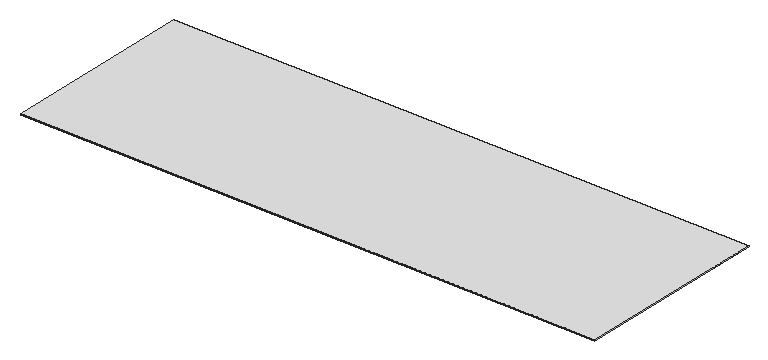
Revit family "5-SHEET-CADS-19-1-4-X-4-4-REVIT_Versatex-Generic-Model-1-4in-x-48in-SHEET", category Generic Models, host Face, Revit 2026
Family settings
  Host = Face
  Can host rebar = No
  Round Connector Dimension = Use Diameter
  Part Type = Normal
  Cut with Voids When Loaded = No
  Maintain Annotation Orientation = No
  Shared = No
  Room Calculation Point = No
Parameters
  Warranty = "https://versatex.com/warranty/"
  URL = "https://versatex.com/"
  Specification = "https://www.arcat.com/company/versatex-45716/spec?coid=45716"
  Sheet Length [instance] = 12' - 0"
  Sales Information = "https://versatex.com/dealer-locator/"
  Rotation [instance] = 0.00°
  Min_Length [instance] = 1' - 0"
  Message Manufacturer = "https://versatex.com/contact/"
  Max_Length [instance] = 20' - 0"
  Material = Versatex PVC - Smooth
  Manufacturer Website = "https://versatex.com/"
  Manufacturer Phone = "724-857-1111"
  Manufacturer Fax = "724-857-1171"
  Manufacturer Address = "400 Steel Street, Aliquippa, PA 15001"
  Manufacturer = "Versatex"
  Literature = "https://versatex.com/literature/?_sft_literature_category=cads"
  Length [instance] = if(Sheet Length < Min_Length, Min_Length, if(Sheet Length > Max_Length, Max_Length, Sheet Length))  # 12' - 0"
  Default Elevation = 4' - 0"
  Copyright = "© 2024 VERSATEX Building Products, LLC"
Reference planes (in)
  plane 1 "Center (Front/Back)": y = 0
  plane 2: z = 0
  plane 3 "Center (Left/Right)": x = 0
Forms (in)
  Sweep 1, solid, material "Versatex PVC - Smooth" <- "Material"
    path origin (-24, 0, 0) x (1, 0, 0) y (0, 1, 0)
      loop
        line (-48, 0) -> (96, 0)
    profile "Versatex_Profile_1-4” x 48” SHEET : Versatex_Profile_1-4” x 48” SHEET" origin (0, 0, 0) x (0, 1, 0) y (0, 0, 1)
      loop
        line (-24, 0.25) -> (-24, 0) -> (24, 0) -> (24, 0.25) -> (-24, 0.25)
Dimensions and locks (in)
  host sketch curve to host sketch curve = 12' - 0"
  "Length": Sweep 1 sketch curve to Sweep 1 sketch curve
  equal spacing: Sweep 1, plane 3 "Center (Left/Right)", Sweep 1, locked at 72 each
  "Rotation": angle plane 1 "Center (Front/Back)" to Sweep 1 sketch curve
  aligned and locked: host face to plane 2
  aligned and locked: host face to level
Automatic sketch dimensions
  host sketch curve to host sketch curve = 30' - 0"
  plane 1 "Center (Front/Back)" to Sweep 1 sketch curve = 0' - 0"
  Sweep 1 sketch curve to plane 3 "Center (Left/Right)" = 6' - 0"
